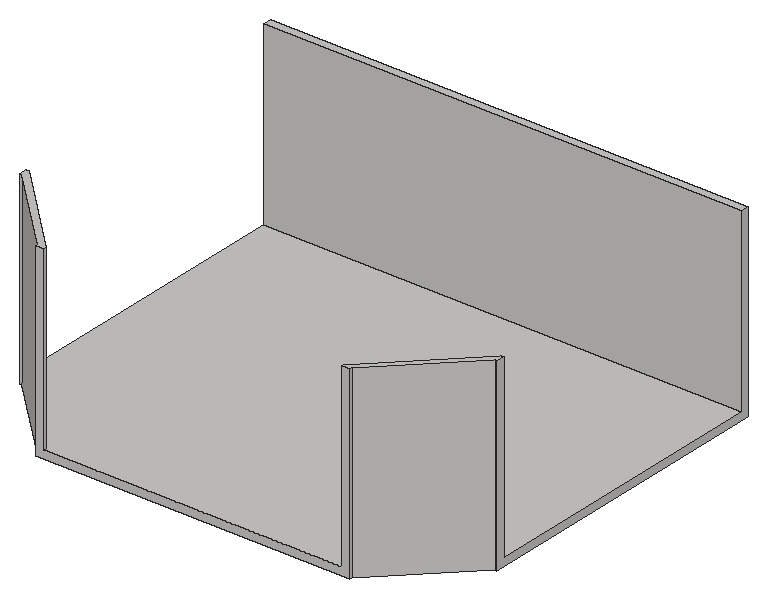
Revit family "Cable_Tray_Fitting-Wire_Mesh_Tray-OBO_Bettermann-Channel_Horizontal_Tee_100-300-GR_Magic", category Cable Tray Fittings, Revit 2012
Parameters (values of type "Hot Dipped Galvanised")
  URL = "http://www.obo-bettermann.com/"
  Tray Width 3 [instance] = 100 mm
  Tray Width 1 [instance] = 100 mm
  Tray Length [instance] = 0.794 mm
  Tray Height [instance] = 60 mm
  built-in parameter 1140111 [instance] = 2.58 mm
  Radius Label 1 [instance] = Radius Label + [built-in parameter 1140111]  # 27.98 mm
  Radius Label [instance] = Radius  # 25.4 mm
  Radius = 25.4 mm
  Product Page URL = "http://catalog2.obo-bettermann.com/catalogue/catalogue.do?favOid=kts_315619&act=showIO&lang=en&action=start&catId=KTS&forward=showSolutionView"
  Product Documentation Link = ""
  Pre Galvanized = no
  Model = "GR-Magic"
  Manufacturer = "OBO Bettermann"
  Description = "Wire Mesh Cable Tray"
  Connector Description 3 = "Connector for Cable Tray 3"  # constant formula
  Connector Description 2 = "Connector for Cable Tray 2"  # constant formula
  Connector Description = "Connector for Cable Tray 1"  # constant formula
  Classification = "Refer to nline catalog for UL and cUL classifed sizes and wire sizes."
  Cable Tray Material = Metal - OBO Bettermann - Hot-Dipped-Galvanised
  Assembly Code = "D5030600"
Types (2, lengths in mm): name | Cable Tray Material
  Electro Galvanised | Metal - OBO Bettermann - Electro-Galvanised
  Hot Dipped Galvanised | Metal - OBO Bettermann - Hot-Dipped-Galvanised
Reference planes
  plane 1 "Center (Front/Back)": y = 0
  plane 2: z = 0
  plane 3 "Center (Left/Right)": x = 0
  plane 4: y = 50
  plane 5: y = -50
  plane 6: z = 30
  plane 7: z = -30
  plane 8: y = -75.4
  plane 9: x = -50
  plane 10: x = 50
  plane 11: x = -75.4
  plane 12: x = 75.4
  plane 13: y = -47.42
  plane 14: y = 47.42
  plane 15: y = -76.194
  plane 16: x = -47.42
  plane 17: x = 47.42
  plane 18: x = -76.194
  plane 19: x = 76.194
  plane 20: z = -27.42
Forms (mm)
  Extrusion 1, solid, material "Metal - OBO Bettermann - Hot-Dipped-Galvanised" <- "Cable Tray Material", detail levels fine
    sketch origin (0, 0, 0) x (1, 0, 0) y (0, 1, 0)
      loop
        line (-76.194, -47.42) -> (-76.194, -50) -> (-75.4, -50) -> (-50, -75.4) -> (-50, -76.194) -> (-47.42, -76.194) -> (-47.42, -75.4) -> (-75.4, -47.42) -> (-76.194, -47.42)
      loop
        line (75.4, -50) -> (76.194, -50) -> (76.194, -47.42) -> (75.4, -47.42) -> (47.42, -75.4) -> (47.42, -76.194) -> (50, -76.194) -> (50, -75.4) -> (75.4, -50)
      loop
        line (-76.194, 50) -> (-76.194, 47.42) -> (76.194, 47.42) -> (76.194, 50) -> (-76.194, 50)
    from -30 to 30
  Extrusion 2, solid, material "Metal - OBO Bettermann - Hot-Dipped-Galvanised" <- "Cable Tray Material", detail levels fine
    sketch origin (0, 0, 0) x (1, 0, 0) y (0, 1, 0)
      loop
        line (-76.194, -50) -> (-75.4, -50) -> (-50, -75.4) -> (-50, -76.194) -> (50, -76.194) -> (50, -75.4) -> (75.4, -50) -> (76.194, -50) -> (76.194, 50) -> (-76.194, 50) -> (-76.194, -50)
    from -30 to -27.42
  Extrusion 3, solid, material "Metal - OBO Bettermann - Hot-Dipped-Galvanised" <- "Cable Tray Material", detail levels medium
    sketch origin (0, 0, 0) x (1, 0, 0) y (0, 1, 0)
      loop
        line (-76.194, 50) -> (-76.194, -50) -> (-75.4, -50) -> (-50, -75.4) -> (-50, -76.194) -> (50, -76.194) -> (50, -75.4) -> (75.4, -50) -> (76.194, -50) -> (76.194, 50) -> (-76.194, 50)
    from -30 to 30
Cuts and joins
  joined: Extrusion 1, Extrusion 2
Lines and regions (mm)
  model lines, style "Coarse View", detail levels coarse
    curve 1: line (-76.194, 0, 0) -> (76.194, 0, 0)
    curve 2: line (0, 0, 0) -> (0, -76.194, 0)
Dimensions and locks
  equal spacing: plane 4, plane 1 "Center (Front/Back)", plane 5
  "Tray Width 1": plane 4 to plane 5
  equal spacing: plane 6, plane 2, plane 7
  "Tray Height": plane 6 to plane 7
  "Radius Label": plane 5 to plane 8
  equal spacing: plane 9, plane 3 "Center (Left/Right)", plane 10
  "Tray Width 3": plane 9 to plane 10
  "Radius Label": plane 11 to plane 9
  "Radius Label": plane 10 to plane 12
  "built-in parameter 1140111": plane 13 to plane 5
  "built-in parameter 1140111": plane 4 to plane 14
  "Tray Length": plane 8 to plane 15
  "built-in parameter 1140111": plane 9 to plane 16
  "built-in parameter 1140111": plane 17 to plane 10
  "Tray Length": plane 18 to plane 11
  "Tray Length": plane 12 to plane 19
  "built-in parameter 1140111": plane 20 to plane 7
  plane 18 to plane 9 = 26.194 mm
  aligned and locked: plane 11 to Extrusion 1 sketch curve  (x2)
  aligned and locked: Extrusion 1 sketch curve to plane 13
  aligned and locked: plane 18 to Extrusion 1 sketch curve  (x2)
  aligned and locked: Extrusion 1 sketch curve to plane 5
  aligned and locked: plane 8 to Extrusion 1 sketch curve  (x4)
  aligned and locked: Extrusion 1 sketch curve to plane 9
  aligned and locked: plane 15 to Extrusion 1 sketch curve  (x2)
  aligned and locked: Extrusion 1 sketch curve to plane 16
  aligned and locked: plane 16 to Extrusion 1 sketch curve
  aligned and locked: plane 9 to Extrusion 1 sketch curve
  aligned and locked: Extrusion 1 sketch curve to plane 15  (x2)
  aligned and locked: Extrusion 1 sketch curve to plane 18
  aligned and locked: Extrusion 1 to plane 7
  aligned and locked: plane 6 to Extrusion 1
  aligned and locked: plane 12 to Extrusion 1 sketch curve  (x2)
  aligned and locked: plane 19 to Extrusion 1 sketch curve
  aligned and locked: plane 5 to Extrusion 1 sketch curve
  aligned and locked: plane 13 to Extrusion 1 sketch curve
  aligned and locked: Extrusion 1 sketch curve to plane 19  (x2)
  aligned and locked: Extrusion 1 sketch curve to plane 17
  aligned and locked: Extrusion 1 sketch curve to plane 10
  aligned and locked: plane 10 to Extrusion 1 sketch curve
  aligned and locked: plane 17 to Extrusion 1 sketch curve
  aligned and locked: plane 14 to Extrusion 1 sketch curve
  aligned and locked: Extrusion 1 sketch curve to plane 4
  aligned and locked: plane 18 to Extrusion 2 sketch curve
  aligned and locked: plane 11 to Extrusion 2 sketch curve
  aligned and locked: Extrusion 2 sketch curve to plane 5
  aligned and locked: Extrusion 2 sketch curve to plane 18
  aligned and locked: plane 19 to Extrusion 2 sketch curve  (x2)
  aligned and locked: Extrusion 2 sketch curve to plane 4
  aligned and locked: plane 4 to Extrusion 2 sketch curve
  aligned and locked: plane 5 to Extrusion 2 sketch curve
  aligned and locked: plane 12 to Extrusion 2 sketch curve
  aligned and locked: plane 15 to Extrusion 2 sketch curve
  aligned and locked: plane 8 to Extrusion 2 sketch curve
  aligned and locked: plane 10 to Extrusion 2 sketch curve
  aligned and locked: plane 9 to Extrusion 2 sketch curve
  aligned and locked: Extrusion 2 sketch curve to plane 15
  aligned and locked: Extrusion 2 to plane 7
  aligned and locked: plane 20 to Extrusion 2
  aligned and locked: plane 18 to Extrusion 3 sketch curve
  aligned and locked: plane 11 to Extrusion 3 sketch curve
  aligned and locked: Extrusion 3 sketch curve to plane 5  (x2)
  aligned and locked: plane 4 to Extrusion 3 sketch curve  (x2)
  aligned and locked: Extrusion 3 sketch curve to plane 18
  aligned and locked: plane 5 to Extrusion 3 sketch curve
  aligned and locked: Extrusion 3 sketch curve to plane 19
  aligned and locked: plane 12 to Extrusion 3 sketch curve
  aligned and locked: plane 19 to Extrusion 3 sketch curve
  aligned and locked: plane 15 to Extrusion 3 sketch curve
  aligned and locked: Extrusion 3 sketch curve to plane 10
  aligned and locked: plane 8 to Extrusion 3 sketch curve
  aligned and locked: plane 10 to Extrusion 3 sketch curve
  aligned and locked: plane 9 to Extrusion 3 sketch curve
  aligned and locked: Extrusion 3 sketch curve to plane 15
  aligned and locked: Extrusion 3 to plane 7
  aligned and locked: plane 6 to Extrusion 3
  aligned and locked: plane 19 to curve 1
  aligned and locked: plane 18 to curve 1
  aligned and locked: plane 1 "Center (Front/Back)" to curve 1
  aligned and locked: plane 15 to curve 2
  aligned and locked: plane 1 "Center (Front/Back)" to curve 2
  aligned and locked: curve 2 to plane 3 "Center (Left/Right)"
Automatic sketch dimensions
  Extrusion 2 sketch curve to plane 8 = 0 mm
  Extrusion 3 sketch curve to plane 8 = 0 mm
Connectors
  cabletrayconduit at (-76.194, 0, 0), driven by "Tray Height", driven by "Tray Width 1", driven by "Connector Description"
    settings: on Extrusion 3, index 1, connector width 100 mm, connector height 60 mm, connector radius 304.8 mm, connector angle 0.00°, system type 32, placement type 0, profile type 1, connector reference index 2, is primary connector yes, connector utility param no, connector description "Connector for Cable Tray 1"
  cabletrayconduit at (76.194, 0, 0), driven by "Tray Height", driven by "Tray Width 1", driven by "Connector Description 2"
    settings: on Extrusion 3, index 2, connector width 100 mm, connector height 60 mm, connector radius 304.8 mm, connector angle 0.00°, system type 32, placement type 0, profile type 1, connector reference index 1, is primary connector no, connector utility param no, connector description "Connector for Cable Tray 2"
  cabletrayconduit at (0, -76.194, 0), driven by "Tray Height", driven by "Tray Width 3", driven by "Connector Description 3"
    settings: on Extrusion 3, index 3, connector width 100 mm, connector height 60 mm, connector radius 304.8 mm, connector angle 0.00°, system type 32, placement type 0, profile type 1, connector reference index -1, is primary connector no, connector utility param no, connector description "Connector for Cable Tray 3"
